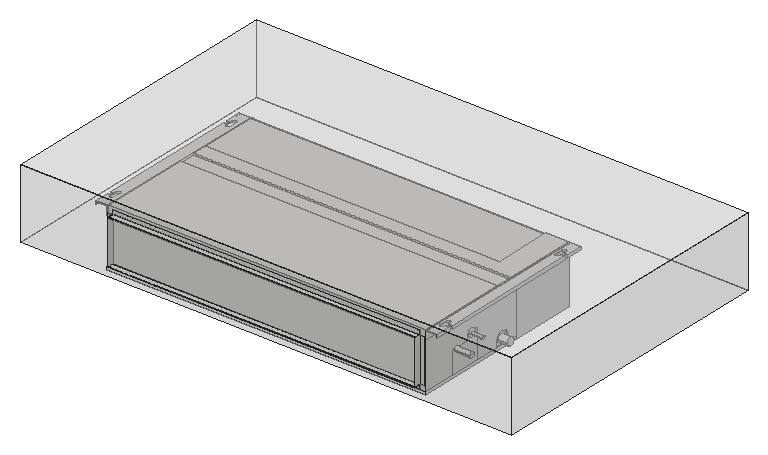
Revit family "outputfile", category 機械設備, Revit 2024
Family settings
  丸型コネクタ寸法 = 半径を使用
  パーツ タイプ = 標準
  OmniClass 番号 = 23.75.10.24.21.27.27
  OmniClass タイトル = Split System Air Conditioning Units
  作業面ベース = いいえ
  常に垂直 = はい
  ロード時にボイドで切り取り = いいえ
  注釈の向きを維持 = いいえ
  共有 = いいえ
  部屋計算ポイント = はい
Parameters (values of type "FXDQ63NDVET")
  Description = ""
  製造元 = "Daikin"
  書き出し IFC クラス(タイプ) = "IfcUnitaryEquipmentType"
  定義済み IFC タイプ(タイプ) = "AIRCONDITIONINGUNIT"
  Cost = 0
  モデル = "FXDQ63NDVET"
  Type Comments = ""
  Keynote = ""
  Type Image = (empty or 0)
  Assembly Code = ""
  w_pipe = 33.0 mm
  r_Liquid Pipe Size = Liquid Pipe Size / 2  # 4.75 mm
  r_Gas Pipe Size = Gas Pipe Size / 2  # 7.95 mm
  r_Drain Pipe Size = Drain Pipe Size / 2  # 10.0 mm
  lw_powersupply = 504.0 mm
  lw_ductflange2 = 1020.0 mm
  lw_Width = 1060.0 mm
  lh_suctionflange [instance] = if(Rear Connection_Return Air, 100.0 mm + [h***], 190.0 mm + [h***])  # 100.0 mm
  ld_suctionflange [instance] = if(Rear Connection_Return Air, 190.0 mm, 100.0 mm)  # 190.0 mm
  ld_powersupply = 60.0 mm
  angle_vertical_RA [instance] = if(Rear Connection_Return Air, 90.00°, 0.00°)  # 90.00°
  angle horizontal_RA [instance] = if(Rear Connection_Return Air, 180.00°, 270.00°)  # 180.00°
  Voltage_comment_60Hz = "220"
  Voltage_comment_50Hz = "220-240"
  Voltage_60Hz = 220 V
  Voltage_50Hz = 220 V
  URL = ""
  Supply Air Direction [instance] = yes
  Sound Power Level_H speed (dB) = 59
  Rear Connection_Return Air [instance] = not(Bottom Connection_Return Air)  # yes
  RA_length = 190.0 mm  # constant formula
  Phase_60Hz = 1
  Phase_50Hz = 1
  Minimum External Static Pressure = 15.00 Pa
  Minimum Circuit Amps_60Hz = 1.4 A
  Minimum Circuit Amps_50Hz = 1.1 A
  Maximum Fuse Amps_60Hz = 16.0 A
  Maximum Fuse Amps_50Hz = 16.0 A
  Maximum External Static Pressure = 44.00 Pa
  Material_Casing = DAIKIN_GalvanizedSteel_Casing_indoorunit
  lw_liquidpipe = 46.0 mm  # constant formula
  lw_gaspipe = 57.0 mm  # constant formula
  lw_mountinghole_pitch = 1140.0 mm
  lw_mountinghole = 20.0 mm  # constant formula
  lw_drainpipe = 33.0 mm  # constant formula
  lh_powersupply = 10.0 mm
  lh_liquidpipe = 110.0 mm
  lh_gaspipe = 87.0 mm
  lh_mountinghole = Height + [h***]  # 200.0 mm
  lh_drainpipe = 150.0 mm
  lh_antena = 1.0 mm  # constant formula
  ld_liquidpipe = 193.0 mm  # constant formula
  ld_gaspipe = 130.0 mm  # constant formula
  ld_mountinghole_pitch = 0.0 mm  # constant formula
  ld_drainpipe = 280.0 mm
  ld_controlbox = 626.0 mm  # constant formula
  h*** = 0.0 mm  # constant formula
  d_dischargeflange = 21.2 mm  # constant formula
  Width = 1100.0 mm
  Version = "ver.1.0"
  Unit Type = "Slim Duct (Standard) Type"
  Unit Mass Weight = 31.00 kg
  Unit Designation [instance] = ""
  Uniclass2015Version = "Products v1.30"
  Uniclass2015Title = "Variable refrigerant flow units"
  Uniclass2015Code = "Pr_70_65_03_94"
  Total Heating Capacity [instance] = 0.000 kW
  Total Cooling Capacity [instance] = 0.000 kW
  Sound Pressure Level_M speed (dBA) = 0
  Sound Pressure Level_L speed (dBA) = 29
  Sound Pressure Level_H speed (dBA) = 33
  Series = "VRV Fan Coil Unit"
  Sensible Cooling Capacity [instance] = 0.000 kW
  SA Duct Size Width = 1060.0 mm
  SA Duct Size Height = 153.0 mm
  Refrigerant Type = "R410A"
  RA Duct Size Width = 1000.0 mm
  RA Duct Size Height = 180.0 mm
  Power Input (Heating) = 0.168 kW
  Power Input (Cooling) = 0.168 kW
  Option Accessory 3 [instance] = ""
  Option Accessory 2 [instance] = ""
  Option Accessory 1 [instance] = ""
  Nominal Heating Capacity = 8.000 kW
  Nominal Cooling Capacity = 7.100 kW
  Minimum Airflow = 780.00 m³/h
  Median Airflow = 870.00 m³/h
  Maximum Airflow = 990.00 m³/h
  Load Classification = HVAC
  Liquid Pipe Size = 9.5 mm
  Link_Nested Family [instance] = ""
  IfcVersion = "0"
  IfcExportType = "AIRCONDITIONINGUNIT"
  IfcExportAs = "IfcUnitaryEquipmentType"
  Height = 200.0 mm
  Heating Entering Wet Bulb Temperature [instance] = 0.00 °C
  Heating Entering Dry Bulb Temperature [instance] = 0.00 °C
  Heating Ambient Wet Bulb Temperature [instance] = 0.00 °C
  Heating Ambient Dry Bulb Temperature [instance] = 0.00 °C
  Heat Exchanger Type = "Cross Fin Coil"
  Gas Pipe Size = 15.9 mm
  Frequency_60Hz = 60 Hz
  Frequency_50Hz = 50 Hz
  Fan Type = "Sirocco Fan"
  Fan Drive = "Direct Drive"
  FCU Tag No. [instance] = ""
  Drain Pipe Size = 20.0 mm
  Design Supply Airflow [instance] = 0.00 m³/h
  Design Return Airflow [instance] = 0.00 m³/h
  Design External Static Pressure [instance] = 0.00 Pa
  Depth = 620.0 mm
  既定の高さ = 0.0 mm
  Cooling Entering Wet Bulb Temperature [instance] = 0.00 °C
  Cooling Entering Dry Bulb Temperature [instance] = 0.00 °C
  Cooling Ambient Wet Bulb Temperature [instance] = 0.00 °C
  Cooling Ambient Dry Bulb Temperature [instance] = 0.00 °C
  Clearance visibility [instance] = yes
  Clearance Top = 20.0 mm
  Clearance Right = 300.0 mm
  Clearance Rear = 400.0 mm
  Clearance Left = 300.0 mm
  Clearance Front = 0.0 mm
  Clearance Bottom = 20.0 mm
  Bottom Connection_Return Air [instance] = no
Reference planes
  plane 1 "Center (Front/Back)": y = 0
  plane 2: z = 0
  plane 3 "Center (Left/Right)": x = 0
  plane 4 "Back": y = 310
  plane 5 "Front": y = -310
  plane 6 "Left": x = -550
  plane 7 "Right": x = 550
  plane 8 "Top": z = 0
  plane 9 "Bottom": z = -200
  plane 10: x = 330
  plane 11: x = -330
  plane 12: z = -190
  plane 13: z = -6
  plane 14: z = -22
  plane 15: z = -90
  plane 16: z = -113
  plane 17: x = -304
  plane 18: x = 304
  plane 19: x = -570
  plane 20: x = 570
  plane 21: y = 250
  plane 22: y = 250
  plane 23: x = -590
  plane 24: x = 390
  plane 25: x = 596
  plane 26: x = 607
  plane 27: x = 583
  plane 28: z = 0
  plane 29: z = -50
  plane 30 "Clearance Left": x = -850
  plane 31 "Clearance Right": x = 850
  plane 32 "Clearance Rear": y = 710
  plane 33 "Clearance Front": y = -310
  plane 34 "Clearance Top": z = 20
  plane 35 "Clearance Bottom": z = -220
  plane 36: z = -21
  plane 37: z = -170
  plane 38: z = -96.5
  plane 39: x = -40
  plane 40: y = -180
  plane 41: y = -117
  plane 42: y = -30
  plane 43: y = 20
  plane 44: z = -97.5
  plane 45: y = -309
  plane 46: x = -549
  plane 47: z = -100
  plane 48: z = -30
  plane 49: y = 210
  plane 50: z = 301
  plane 51: z = -199
  plane 52: y = 120
  plane 53: z = -101
  plane 54: x = 580
  plane 55: x = 545
  plane 56: x = 555
  plane 57: x = 551
  plane 58: x = 469
  plane 59: x = 549.004
  plane 60: x = -549
  plane 61: x = 504
  plane 62: z = -189
  plane 63: z = 102.5
Forms (mm)
  Extrusion 1, solid
    sketch origin (0, 0, 0) x (1, 0, 0) y (0, 0, 1)
      loop
        line (-550, -190) -> (-550, -200) -> (550, -200) -> (550, -190) -> (-550, -190)
    from -84 to 310
  Extrusion 2, solid, material "DAIKIN_GalvanizedSteel_Casing_indoorunit" <- "Material_Casing"
    sketch origin (0, 0, 0) x (1, 0, 0) y (0, 1, 0)
      loop
        line (-550, -309) -> (550, -309) -> (550, 310) -> (-550, 310) -> (-550, -309)
    from -200 to 0
  Extrusion 3, void
    sketch origin (0, 0, 1) x (1, 0, 0) y (0, 1, 0)
      loop
        line (-550, 62.179) -> (-550, 4.179) -> (550, 4.179) -> (550, 62.179) -> (-550, 62.179)
    from -1 to -7
  Extrusion 4, void
    sketch origin (0, 0, 0) x (0, 1, 0) y (0, 0, 1)
      loop
        line (-5, -190) -> (45, -190) -> (45, -170)
        arc (45, -170) -> (20, -145) -> (-5, -170) r 25
        line (-5, -170) -> (-5, -190)
    from 550 to 545
  Revolve 5, solid, material "DAIKIN_GalvanizedSteel_Casing_indoorunit" <- "Material_Casing"
    sketch origin (0, 0, -113) x (0, -1, 0) y (1, 0, 0)
      loop
        line (172.05, 551) -> (180, 551) -> (180, 607) -> (172.05, 607) -> (172.05, 551)
      axis (180, 551) -> (180, 607)
    angle from 0 to 360
  Revolve 6, solid, material "DAIKIN_GalvanizedSteel_Casing_indoorunit" <- "Material_Casing"
    sketch origin (0, 0, -90) x (0, -1, 0) y (1, 0, 0)
      loop
        line (117, 551) -> (117, 596) -> (112.25, 596) -> (112.25, 551) -> (117, 551)
      axis (117, 596) -> (117, 551)
    angle from 0 to 360
  Extrusion 7, solid, material "DAIKIN_GalvanizedSteel_Casing_indoorunit" <- "Material_Casing"
    sketch origin (0, 0, 0) x (0, 1, 0) y (0, 0, 1)
      loop
        circle (-116, -90) r 12.7
    from 550 to 555
  Extrusion 8, solid, material "DAIKIN_GalvanizedSteel_Casing_indoorunit" <- "Material_Casing"
    sketch origin (0, 0, 0) x (0, 1, 0) y (0, 0, 1)
      loop
        circle (20, -170) r 13
    from 580 to 545
  Extrusion 9, solid, material "DAIKIN_GalvanizedSteel_Casing_indoorunit" <- "Material_Casing"
    sketch origin (0, 0, 0) x (1, 0, 0) y (0, 0, 1)
      loop
        line (-550, -190) -> (-550, -200) -> (550, -200) -> (550, -190) -> (-550, -190)
    from -84 to 310
  Extrusion 10, solid, material "DAIKIN_GalvanizedSteel_Casing_indoorunit" <- "Material_Casing", visible <- "Bottom Connection_Return Air"
    sketch origin (0, 0, 0) x (1, 0, 0) y (0, 0, 1)
      loop
        line (469, -200) -> (469, -1) -> (-549, -1) -> (-549, -200) -> (469, -200)
    from -310 to -309
  Extrusion 11, void
    sketch origin (0, 0, 0) x (1, 0, 0) y (0, 0, 1)
      loop
        line (469, 0) -> (-549, 0) -> (-549, -1) -> (469, -1) -> (469, 0)
    from -310 to -111
  Extrusion 12, solid, material "DAIKIN_GalvanizedSteel_Casing_indoorunit" <- "Material_Casing", visible <- "Rear Connection_Return Air"
    sketch origin (0, 0, 0) x (1, 0, 0) y (0, 1, 0)
      loop
        line (-549, 310) -> (-549, 111) -> (469, 111) -> (469, 310) -> (-549, 310)
    from -200 to -199
  Extrusion 13, solid, material "DAIKIN_GalvanizedSteel_Casing_indoorunit" <- "Material_Casing"
    sketch origin (0, 0, 0) x (0, 1, 0) y (0, 0, 1)
      loop
        line (-194, -113) -> (-194, -190) -> (-88.3, -190) -> (-88.3, -90) -> (-103.3, -90)
        arc (-103.3, -90) -> (-116, -102.7) -> (-128.7, -90) r 12.7
        line (-128.7, -90) -> (-128.7, -113) -> (-173.65, -113)
        arc (-173.65, -113) -> (-180, -119.35) -> (-186.35, -113) r 6.35
        line (-186.35, -113) -> (-194, -113)
    from 551 to 550
  Extrusion 14, solid, material "DAIKIN_GalvanizedSteel_Casing_indoorunit" <- "Material_Casing"
    sketch origin (0, 0, 0) x (0, 1, 0) y (0, 0, 1)
      loop
        line (84, -199) -> (310, -199) -> (310, -22) -> (91, -22) -> (84, -29) -> (84, -199)
    from 551 to 550
Cuts and joins
  Extrusion 3, Extrusion 4, Extrusion 11 cuts Extrusion 2
  Extrusion 4 cuts Extrusion 1
  Extrusion 11 cuts Extrusion 9
Dimensions and locks
  "lh_powersupply": plane 12 to plane 9 "Bottom"
  locked: plane 8 "Top" to plane 13 at 6
  "Height": plane 8 "Top" to plane 9 "Bottom"
  equal spacing: plane 17, plane 3 "Center (Left/Right)", plane 18, locked at 304 each
  locked: plane 17 to plane 18 at 608
  equal spacing: plane 19, plane 3 "Center (Left/Right)", plane 20
  "lw_mountinghole_pitch": plane 19 to plane 20
  locked: plane 14 to plane 9 "Bottom" at 178
  "lw_mountinghole": plane 23 to plane 19
  "lh_liquidpipe": plane 15 to plane 9 "Bottom"
  "lh_gaspipe": plane 16 to plane 9 "Bottom"
  "lh_mountinghole": plane 28 to plane 9 "Bottom"
  "ld_mountinghole_pitch": plane 22 to plane 21
  equal spacing: plane 6 "Left", plane 3 "Center (Left/Right)", plane 7 "Right"
  "Width": plane 6 "Left" to plane 7 "Right"
  "lh_drainpipe": plane 29 to plane 9 "Bottom"
  "Clearance Right": plane 7 "Right" to plane 31 "Clearance Right"
  "Clearance Left": plane 30 "Clearance Left" to plane 6 "Left"
  "lw_gaspipe": plane 7 "Right" to plane 26
  "lw_liquidpipe": plane 7 "Right" to plane 25
  "lw_drainpipe": plane 7 "Right" to plane 27
  "Clearance Rear": plane 32 "Clearance Rear" to plane 4 "Back"
  "Clearance Front": plane 5 "Front" to plane 33 "Clearance Front"
  "Clearance Top": plane 34 "Clearance Top" to plane 8 "Top"
  "Clearance Bottom": plane 9 "Bottom" to plane 35 "Clearance Bottom"
  "ld_powersupply": plane 4 "Back" to plane 22
  locked: plane 8 "Top" to plane 36 at 21
  locked: plane 8 "Top" to plane 37 at 170
  locked: plane 40 to plane 41 at 63
  locked: plane 38 to plane 9 "Bottom" at 103.5
  locked: plane 36 to plane 44 at 76.5
  "Depth": plane 4 "Back" to plane 5 "Front"
  equal spacing: plane 4 "Back", plane 1 "Center (Front/Back)", plane 5 "Front"
  locked: plane 45 to plane 5 "Front" at 1
  locked: plane 46 to plane 6 "Left" at 1
  Extrusion 10 sketch curve to Extrusion 10 sketch curve = 199.0 mm
  locked: plane 12 to plane 47 at 90
  plane 32 "Clearance Rear" to Extrusion 10 = 401.0 mm
  locked: plane 48 to plane 35 "Clearance Bottom" at 190
  plane 50 to plane 28 = 301.0 mm
  locked: plane 51 to plane 9 "Bottom" at 1
  "ld_suctionflange": plane 4 "Back" to plane 52
  locked: plane 53 to plane 9 "Bottom" at 99
  locked: plane 7 "Right" to plane 54 at 30
  locked: plane 55 to plane 7 "Right" at 5
  locked: plane 7 "Right" to plane 56 at 5
  locked: plane 7 "Right" to plane 57 at 1
  plane 7 "Right" to plane 58 = 81.0 mm
  locked: plane 7 "Right" to plane 59 at 0.996
  locked: plane 60 to plane 6 "Left" at 1
  "lw_powersupply": plane 3 "Center (Left/Right)" to plane 61
  "r_Gas Pipe Size": nested 6 to Revolve 5 sketch curve
  "r_Liquid Pipe Size": nested 5 to Revolve 6 sketch curve
  locked: plane 62 to plane 9 "Bottom" at 11
  aligned and locked: level to plane 2
  aligned and locked: Extrusion 2 to plane 9 "Bottom"
  aligned and locked: plane 8 "Top" to Extrusion 2
  aligned and locked: Revolve 5 sketch curve to Revolve 5 sketch curve
  aligned and locked: plane 15 to Extrusion 7 sketch curve
  aligned and locked: cut or joined group of Extrusion 1, Extrusion 4 to plane 9 "Bottom"
  aligned and locked: plane 25 to nested 5
  aligned and locked: nested 5 to plane 15
  aligned and locked: nested 1 to plane 22
  aligned and locked: plane 20 to nested 2
  aligned and locked: plane 19 to nested 3
  aligned and locked: plane 22 to nested 4
  aligned and locked: nested 4 to plane 22
  aligned and locked: plane 19 to nested 4
  aligned and locked: nested 10 to plane 12
  aligned and locked: Extrusion 9 to plane 5 "Front"
  aligned and locked: Extrusion 9 to plane 9 "Bottom"
  aligned and locked: nested 6 to plane 16
  aligned and locked: plane 40 to nested 6
  aligned and locked: plane 41 to nested 5
  aligned and locked: Extrusion 8 sketch curve to plane 43
  aligned and locked: plane 4 "Back" to Extrusion 11
  aligned and locked: plane 8 "Top" to Extrusion 3
  aligned and locked: Extrusion 10 to cut or joined group of Extrusion 2, Extrusion 3, Extrusion 4, Extrusion 11
  aligned and locked: plane 9 "Bottom" to Extrusion 12  (x2)
  aligned and locked: Extrusion 12 to plane 51
  aligned and locked: Extrusion 11 to level
  aligned and locked: plane 32 "Clearance Rear" to nested 13
  aligned and locked: plane 31 "Clearance Right" to nested 13
  aligned and locked: plane 30 "Clearance Left" to nested 13
  aligned and locked: nested 13 to plane 33 "Clearance Front"
  aligned and locked: nested 13 to plane 34 "Clearance Top"
  aligned and locked: nested 13 to plane 35 "Clearance Bottom"
  aligned and locked: plane 7 "Right" to Extrusion 13  (x2)
  aligned and locked: plane 4 "Back" to Extrusion 14
  aligned and locked: Extrusion 14 to plane 51
  aligned and locked: plane 7 "Right" to Extrusion 14  (x2)
  aligned and locked: Extrusion 13 to Revolve 5 sketch curve
  aligned and locked: Extrusion 3 to plane 13
  aligned and locked: plane 52 to nested 14
  aligned and locked: Extrusion 7 to plane 7 "Right"
  aligned and locked: plane 7 "Right" to cut or joined group of Extrusion 2, Extrusion 3, Extrusion 4, Extrusion 11  (x3)
  aligned and locked: cut or joined group of Extrusion 2, Extrusion 3, Extrusion 4, Extrusion 11 to plane 55
  aligned and locked: Extrusion 8 to plane 55
  aligned and locked: plane 54 to Extrusion 8
  aligned and locked: plane 56 to Extrusion 7
  aligned and locked: plane 57 to Extrusion 14
  aligned and locked: Extrusion 13 to plane 57
  aligned and locked: plane 26 to nested 6
  aligned and locked: plane 58 to Extrusion 11 sketch curve
  aligned and locked: Extrusion 10 sketch curve to plane 58
  aligned and locked: plane 3 "Center (Left/Right)" to nested 15
  aligned and locked: Extrusion 12 to plane 58
  aligned and locked: plane 6 "Left" to nested 11
  aligned and locked: plane 8 "Top" to nested 15
  aligned and locked: plane 4 "Back" to nested 15
  aligned and locked: cut or joined group of Extrusion 2, Extrusion 3, Extrusion 4, Extrusion 11 to plane 45
  aligned and locked: nested 10 to plane 61
  aligned and locked: plane 20 to nested 1
  aligned and locked: plane 43 to nested 7
  aligned and locked: nested 7 to plane 37
  aligned and locked: plane 54 to nested 7
  aligned and locked: nested 9 to plane 1 "Center (Front/Back)"
  aligned and locked: plane 3 "Center (Left/Right)" to nested 9
  aligned and locked: nested 16 to plane 62
  aligned and locked: plane 13 to nested 16
  aligned and locked: nested 11 to plane 51
  aligned and locked: nested 12 to plane 51
  aligned and locked: plane 44 to nested 8
  aligned and locked: plane 45 to nested 16
  aligned and locked: level to plane 8 "Top"
Automatic sketch dimensions
  Extrusion 1 sketch curve to plane 6 "Left" = 0.0 mm
  Extrusion 1 sketch curve to plane 7 "Right" = 0.0 mm
  Extrusion 1 sketch curve to plane 9 "Bottom" = 0.0 mm
  Extrusion 1 sketch curve to plane 12 = 0.0 mm
  Extrusion 2 sketch curve to plane 4 "Back" = 0.0 mm
  Extrusion 2 sketch curve to plane 6 "Left" = 0.0 mm
  Extrusion 2 sketch curve to plane 7 "Right" = 0.0 mm
  Extrusion 2 sketch curve to plane 45 = 0.0 mm
  Extrusion 3 sketch curve to plane 6 "Left" = 0.0 mm
  Extrusion 3 sketch curve to plane 7 "Right" = 0.0 mm
  Extrusion 3 sketch curve to plane 1 "Center (Front/Back)" = 4.179 mm
  plane 43 to Extrusion 3 sketch curve = 42.179 mm
  Extrusion 4 sketch curve to plane 37 = 0.0 mm
  Extrusion 4 sketch curve to plane 12 = 0.0 mm
  Extrusion 4 sketch curve to plane 43 = 0.0 mm
  plane 1 "Center (Front/Back)" to Extrusion 4 sketch curve = 5.0 mm
  plane 41 to Extrusion 7 sketch curve = 1.0 mm
  Extrusion 8 sketch curve to plane 37 = 0.0 mm
  Extrusion 9 sketch curve to plane 6 "Left" = 0.0 mm
  Extrusion 9 sketch curve to plane 7 "Right" = 0.0 mm
  Extrusion 9 sketch curve to plane 9 "Bottom" = 0.0 mm
  Extrusion 9 sketch curve to plane 12 = 0.0 mm
  plane 46 to Extrusion 10 sketch curve = 0.0 mm
  plane 46 to Extrusion 11 sketch curve = 0.0 mm
  Extrusion 11 sketch curve to plane 8 "Top" = 1.0 mm
  Extrusion 12 sketch curve to plane 46 = 0.0 mm
  Extrusion 12 sketch curve to plane 4 "Back" = 0.0 mm
  plane 18 to Extrusion 12 sketch curve = 165.0 mm
  plane 43 to Extrusion 12 sketch curve = 91.0 mm
  plane 35 "Clearance Bottom" to Extrusion 11 sketch curve = 220.0 mm
  Extrusion 10 sketch curve to plane 51 = 1.0 mm
  Extrusion 13 sketch curve to plane 12 = 0.0 mm
  Extrusion 13 sketch curve to plane 16 = 0.0 mm
  Extrusion 13 sketch curve to plane 40 = 0.0 mm
  Extrusion 13 sketch curve to plane 15 = 0.0 mm
  Extrusion 13 sketch curve to Extrusion 13 sketch curve = 6.35 mm
  Extrusion 13 sketch curve to Extrusion 13 sketch curve = 7.65 mm
  Extrusion 13 sketch curve to plane 41 = 11.7 mm
  plane 41 to Extrusion 13 sketch curve = 1.0 mm
  Extrusion 13 sketch curve to Extrusion 13 sketch curve = 27.7 mm
  Extrusion 14 sketch curve to plane 51 = 0.0 mm
  Extrusion 14 sketch curve to plane 14 = 0.0 mm
  plane 48 to Extrusion 14 sketch curve = 1.0 mm
  plane 43 to Extrusion 14 sketch curve = 64.0 mm
  Extrusion 14 sketch curve to Extrusion 14 sketch curve = 7.0 mm
  Extrusion 14 sketch curve to plane 4 "Back" = 0.0 mm
  Revolve 5 sketch curve to plane 26 = 0.0 mm
  Revolve 5 sketch curve to plane 40 = 0.0 mm
  Revolve 5 sketch curve to Revolve 5 sketch curve = 1.003 mm
  plane 26 to Revolve 5 sketch curve = 1.003 mm
  Revolve 6 sketch curve to plane 41 = 0.0 mm  (x2)
  Revolve 6 sketch curve to plane 25 = 0.0 mm  (x2)
  Revolve 6 sketch curve to plane 57 = 0.0 mm  (x2)
  radius of Extrusion 7 sketch curve = 12.7 mm
  radius of Extrusion 8 sketch curve = 13.0 mm
Nested families
  nested 1: "daikin_mountinghole" at (570, 250, -200), l_antenna <- "lh_antena", Link_Nested Family <- "Link_Nested Family", h_mountinghole <- "lh_mountinghole", type "daikin_mountinghole"
    with show yes, l_antenna 1.0 mm, h_mountinghole 200.0 mm, Link_Nested Family ""
  nested 2: "daikin_mountinghole" at (570, -250, -200), Link_Nested Family <- "Link_Nested Family", l_antenna <- "lh_antena", h_mountinghole <- "lh_mountinghole", type "daikin_mountinghole"
    with show yes, l_antenna 1.0 mm, h_mountinghole 200.0 mm, Link_Nested Family ""
  nested 3: "daikin_mountinghole" at (-570, -250, -200), l_antenna <- "lh_antena", Link_Nested Family <- "Link_Nested Family", h_mountinghole <- "lh_mountinghole", type "daikin_mountinghole"
    with show yes, l_antenna 1.0 mm, h_mountinghole 200.0 mm, Link_Nested Family ""
  nested 4: "daikin_mountinghole" at (-570, 250, -200), l_antenna <- "lh_antena", Link_Nested Family <- "Link_Nested Family", h_mountinghole <- "lh_mountinghole", type "daikin_mountinghole"
    with show yes, l_antenna 1.0 mm, h_mountinghole 200.0 mm, Link_Nested Family ""
  nested 5: "daikin_connector_rotate2" at (550, -117, -90) x (0, 1, 0) z (0, 0, 1), length <- "lw_liquidpipe", built-in parameter 1001364 <- "lh_liquidpipe", radius <- "r_Liquid Pipe Size", type "daikin_connector_rotate2"
    with radius 4.75 mm, length 46.0 mm, angle_vertical 90.00°, show_face no
  nested 6: "daikin_connector_rotate2" at (550, -180, -113) x (0, 1, 0) z (0, 0, 1), length <- "lw_gaspipe", built-in parameter 1001364 <- "lh_gaspipe", radius <- "r_Gas Pipe Size", type "daikin_connector_rotate2"
    with radius 7.95 mm, length 57.0 mm, angle_vertical 90.00°, show_face no
  nested 7: "daikin_connector_rotate2" at (547, 20, -170) x (0, 1, 0) z (0, 0, 1), built-in parameter 1001364 <- "lh_drainpipe", length <- "lw_drainpipe", radius <- "r_Drain Pipe Size", type "daikin_connector_rotate2"
    with radius 10.0 mm, length 33.0 mm, angle_vertical 90.00°, show_face no
  nested 8: "daikin_connector_rotate2" at (0, -309, -97.5), length <- "d_dischargeflange", type "daikin_connector_rotate2"
    with radius 10.0 mm, length 21.2 mm, angle_vertical 90.00°, show_face no
  nested 9: "daikin_△_symbolicline" at (-75, -129.904, 200) x (-0.5, 0.866, 0) z (0, 0, 1), built-in parameter 1001364 <- "Height", visible <- "Supply Air Direction", type "daikin_△_symbolicline"
    with length 300.0 mm
  nested 10: "daikin_connector_rotate2" at (504, 250, -190) x (-1, 0, 0) z (0, 0, 1), built-in parameter 1001364 <- "lw_powersupply", length <- "ld_powersupply", type "daikin_connector_rotate2"
    with radius 10.0 mm, length 60.0 mm, angle_vertical 90.00°, show_face no
  nested 11: "daikin_ductflange_FXDQ-NDVET2" at (-40, 310, -100), visible <- "Rear Connection_Return Air", material <- "Material_Casing", width <- "lw_ductflange2", type "daikin_ductflange_FXDQ-NDVET2"
    with width 1020.0 mm, material DAIKIN_GalvanizedSteel_Casing_indoorunit, height 180.0 mm, depth 21.2 mm
  nested 12: "daikin_ductflange_FXDQ-NDVET2" at (-40, 210, -200) x (1, 0, 0) z (0, 1, 0), visible <- "Bottom Connection_Return Air", material <- "Material_Casing", width <- "lw_ductflange2", type "daikin_ductflange_FXDQ-NDVET2"
    with width 1020.0 mm, material DAIKIN_GalvanizedSteel_Casing_indoorunit, height 180.0 mm, depth 21.2 mm
  nested 13: "daikin_clearancespace" at (0, 200, -99.881), visible <- "Clearance visibility", show <- "Clearance visibility", Link_Nested Family <- "Link_Nested Family", type "daikin_clearancespace"
    with width 1700.0 mm, show yes, height 240.0 mm, depth 1020.0 mm, Link_Nested Family ""
  nested 14: "daikin_connector_rotate3" at (-40, 120, -100), built-in parameter 1001364 <- "lh_suctionflange", angle_vertical <- "angle_vertical_RA", angle_horizontal <- "angle horizontal_RA", length <- "RA_length", type "daikin_connector_rotate3"
    with show no, radius 10.0 mm, length 190.0 mm, angle_vertical 90.00°, angle_horizontal 180.00°
  nested 15: "daikin_hangerfixture_FXDQ-NDVET" at (0, 0.5, 0), type "daikin_hangerfixture_FXDQ-NDVET"
    with width 1100.0 mm
  nested 16: "daikin_ductflange_FXDQ-NDVET" at (0, 4.5, -364.201), width <- "lw_Width", material <- "Material_Casing", type "daikin_ductflange_FXDQ-NDVET"
    with width 1060.0 mm, material DAIKIN_GalvanizedSteel_Casing_indoorunit, height 155.0 mm, depth 21.2 mm
Connectors
  piping at (607, -180, -113), diameter 15.9, driven by "r_Gas Pipe Size"
    settings: on nested 6, index 1, connector inside diameter 609.6 mm, connector length 0.0 mm, flow factor 0, pipe flow 0.00 m³/h, pressure drop 0.0 Pa, fitting loss kfactor 0, connector angle 0.00°, fixture units 0, engagement length 0.0 mm, angle of deflection 0.00°, flow configuration 1, flow direction 2, fitting loss method 0, system type 29, joint type 0, gender type 0, connector reference index -1, connector utility 0, adjustable connector no, is connector primary yes, connector description "Refrigerant Gas Piping"
  piping at (596, -117, -90), diameter 9.5, driven by "r_Liquid Pipe Size"
    settings: on nested 5, index 2, connector inside diameter 609.6 mm, connector length 0.0 mm, flow factor 0, pipe flow 0.00 m³/h, pressure drop 0.0 Pa, fitting loss kfactor 0, connector angle 0.00°, fixture units 0, engagement length 0.0 mm, angle of deflection 0.00°, flow configuration 1, flow direction 1, fitting loss method 0, system type 29, joint type 0, gender type 0, connector reference index -1, connector utility 0, adjustable connector no, is connector primary no, connector description "Refrigerant Liquid Piping"
  piping at (580, 20, -170), diameter 20, driven by "r_Drain Pipe Size"
    settings: on nested 7, index 3, connector inside diameter 609.6 mm, connector length 0.0 mm, flow factor 0, pipe flow 0.00 m³/h, pressure drop 0.0 Pa, fitting loss kfactor 0, connector angle 0.00°, fixture units 0, engagement length 0.0 mm, angle of deflection 0.00°, flow configuration 1, flow direction 2, fitting loss method 4, system type 16, joint type 0, gender type 0, connector reference index -1, connector utility 0, adjustable connector no, is connector primary no, connector description "Condensate Drain Piping"
  hvac at (0, -330.2, -97.5), driven by "SA Duct Size Height", driven by "SA Duct Size Width"
    settings: on nested 8, index 7, duct flow 0.00 m³/h, flow factor 0, pres drop 0.00 Pa, loss coef 0, conn angle 0.00°, conn width 1060.0 mm, conn height 153.0 mm, conn diameter 609.6 mm, duct sys type 1, conn prof type 1, flow config 0, flow direction 2, loss method 4, conn ref index -1, conn util no, is conn primary yes, conn desc "SA Duct"
  electrical at (504, 310, -190), driven by "Load Classification"
    settings: on nested 10, index 9, voltage 0 V, apparent load 0 VA, apparent load phase1 0 VA, apparent load phase2 0 VA, apparent load phase3 0 VA, power factor 1, load classification "HVAC", number of poles 1, system type 30, power factor state 1, is connector primary yes, connector utility no, sub classification motor no, connector description "Power Supply"
  hvac at (-40, 310, -100), driven by "RA Duct Size Height", driven by "RA Duct Size Width"
    settings: on nested 14, index 10, duct flow 0.00 m³/h, flow factor 0, pres drop 0.00 Pa, loss coef 0, conn angle 0.00°, conn width 1000.0 mm, conn height 180.0 mm, conn diameter 609.6 mm, duct sys type 2, conn prof type 1, flow config 0, flow direction 1, loss method 4, conn ref index -1, conn util no, is conn primary no, conn desc "RA Duct"
Definition of nested family "daikin_ductflange_FXDQ-NDVET2"
  Parameters (values of type "daikin_ductflange_FXDQ-PDVE2")
    width [instance] = 620.0 mm
    material [instance] = none
    height [instance] = 180.0 mm
    depth [instance] = 21.2 mm
    Default Elevation = 0.0 mm
  Reference planes
    plane 1 "Center (Front/Back)": y = 0
    plane 2: z = 0
    plane 3 "Center (Left/Right)": x = 0
    plane 4: y = -313.5
    plane 5: y = -334.7
    plane 6: x = -310
    plane 7: x = 310
    plane 8: z = 90
    plane 9: z = -90
    plane 10: z = 100
    plane 11: z = -100
    plane 12: x = -309
    plane 13: x = 309
  Forms (mm)
    Extrusion 1, solid, material <- "material"
      sketch origin (0, 0, 0) x (1, 0, 0) y (0, 0, 1)
        loop
          line (-300, 90) -> (-300, -90) -> (300, -90) -> (300, 90) -> (-300, 90)
        loop
          line (-309, -99) -> (309, -99) -> (309, 99) -> (-309, 99) -> (-309, -99)
      from 0 to 1
  Dimensions and locks
    plane 4 to plane 1 "Center (Front/Back)" = 313.5 mm
    "depth": plane 5 to plane 4
    equal spacing: plane 7, plane 3 "Center (Left/Right)", plane 6, locked at 310 each
    "width": plane 7 to plane 6
    equal spacing: plane 8, level, plane 9, locked at 90 each
    "height": plane 8 to plane 9
    equal spacing: plane 10, level, plane 11, locked at 100 each
    locked: plane 10 to plane 11 at 200
    plane 12 to plane 6 = 1.0 mm
    locked: plane 7 to plane 13 at 1
    locked: Extrusion 1 sketch curve to Extrusion 1 sketch curve at 9  (x4)
    locked: plane 10 to Extrusion 1 sketch curve at 1
    locked: Extrusion 1 sketch curve to plane 11 at 1
    aligned and locked: level to plane 2
  Automatic sketch dimensions
    plane 6 to Extrusion 1 sketch curve = 1.0 mm
    Extrusion 1 sketch curve to plane 7 = 1.0 mm
Definition of nested family "daikin_clearancespace"
  Parameters (values of type "daikin_clearancespace")
    width [instance] = 1823.963 mm
    show [instance] = yes
    material = none
    height [instance] = 1359.762 mm
    depth [instance] = 880.0 mm
    Default Elevation = 0.0 mm
    Link_Nested Family [instance] = ""
  Reference planes
    plane 1 "Center (Front/Back)": y = 0
    plane 2 "Center (Elevation)": z = -0.119
    plane 3 "Center (Left/Right)": x = 0
    plane 4: y = 440
    plane 5: y = -440
    plane 6 "Right": x = 911.982
    plane 7 "Left": x = -911.982
    plane 8 "Top": z = 679.762
    plane 9 "Bottom": z = -680
  Forms (mm)
    Extrusion 1, solid, material <- "material", visible <- "show"
      sketch origin (0, 0, 0) x (1, 0, 0) y (0, 1, 0)
        loop
          line (-911.982, 440) -> (-911.982, -440) -> (911.982, -440) -> (911.982, 440) -> (-911.982, 440)
      from -680 to 679.762
  Lines and regions (mm)
    symbolic lines, visible <- "show"
      curve 1: line (911.982, 440, 0) -> (-911.982, 440, 0)
      curve 2: line (-911.982, 440, 0) -> (-911.982, -440, 0)
      curve 3: line (-911.982, -440, 0) -> (911.982, -440, 0)
      curve 4: line (911.982, -440, 0) -> (911.982, 440, 0)
      curve 5: line (911.982, 0, 679.762) -> (-911.982, 0, 679.762)
      curve 6: line (911.982, 0, -680) -> (911.982, 0, 679.762)
      curve 7: line (-911.982, 0, -680) -> (911.982, 0, -680)
      curve 8: line (-911.982, 0, 679.762) -> (-911.982, 0, -680)
      curve 9: line (0, 440, 679.762) -> (0, -440, 679.762)
      curve 10: line (0, -440, 679.762) -> (0, -440, -680)
      curve 11: line (0, 440, -680) -> (0, 440, 679.762)
      curve 12: line (0, -440, -680) -> (0, 440, -680)
  Dimensions and locks
    "width": plane 7 "Left" to plane 6 "Right"
    "depth": plane 4 to plane 5
    "height": plane 8 "Top" to plane 9 "Bottom"
    equal spacing: plane 7 "Left", plane 3 "Center (Left/Right)", plane 6 "Right"
    equal spacing: plane 4, plane 1 "Center (Front/Back)", plane 5
    equal spacing: plane 8 "Top", plane 2 "Center (Elevation)", plane 9 "Bottom"
    aligned and locked: level to plane 2 "Center (Elevation)"
    aligned and locked: Extrusion 1 sketch curve to plane 4
    aligned and locked: plane 7 "Left" to Extrusion 1 sketch curve
    aligned and locked: Extrusion 1 sketch curve to plane 5
    aligned and locked: Extrusion 1 sketch curve to plane 6 "Right"
    aligned and locked: plane 8 "Top" to Extrusion 1
    aligned and locked: curve 1 to Extrusion 1
    aligned and locked: curve 2 to Extrusion 1
    aligned and locked: curve 3 to Extrusion 1
    aligned and locked: curve 4 to Extrusion 1
    aligned and locked: curve 5 to Extrusion 1
    aligned and locked: curve 6 to Extrusion 1
    aligned and locked: curve 7 to Extrusion 1
    aligned and locked: curve 8 to Extrusion 1
    aligned and locked: curve 9 to Extrusion 1
    aligned and locked: curve 10 to Extrusion 1
    aligned and locked: curve 11 to Extrusion 1
    aligned and locked: curve 12 to Extrusion 1
    aligned and locked: Extrusion 1 to plane 9 "Bottom"
Definition of nested family "daikin_hangerfixture_FXDQ-NDVET"
  Parameters (values of type "daikin_hangerfixture_FXDQ-PDVE")
    width = 900.0 mm
    material = none
    height = 30.0 mm
    depth = 619.0 mm
    Default Elevation = 0.0 mm
  Reference planes
    plane 1 "Center (Front/Back)": y = 0
    plane 2: z = 0
    plane 3 "Center (Left/Right)": x = 0
    plane 4: x = 450
    plane 5: y = 309.5
    plane 6: y = -309.5
    plane 7: x = -450
    plane 8: z = -30
  Forms (mm)
    Extrusion 1, solid, material <- "material"
      sketch origin (0, 0, 0) x (1, 0, 0) y (0, 0, 1)
        loop
          line (450, 0) -> (450, -30) -> (452.3, -30) -> (452.3, -2.3) -> (487.7, -2.3) -> (487.7, -10) -> (490, -10) -> (490, 0) -> (450, 0)
      from -309.5 to 309.5
    Extrusion 2, void
      sketch origin (0, 0, 0) x (0, 1, 0) y (0, 0, 1)
        loop
          line (309.5, -30) -> (309.5, -17.979) -> (87.935, -17.979) -> (75.914, -30) -> (309.5, -30)
      from 0 to 550
    Extrusion 3, void
      sketch origin (0, 0, 0) x (1, 0, 0) y (0, 1, 0)
        loop
          line (490, -244) -> (477, -244) -> (477, -237.5)
          arc (477, -237.5) -> (470, -230.5) -> (463, -237.5) r 7
          line (463, -237.5) -> (463, -263.5)
          arc (463, -263.5) -> (470, -270.5) -> (477, -263.5) r 7
          line (477, -263.5) -> (477, -257) -> (490, -257) -> (490, -244)
        loop
          line (490, 243) -> (490, 256) -> (477, 256) -> (477, 262.5)
          arc (477, 262.5) -> (470, 269.5) -> (463, 262.5) r 7
          line (463, 262.5) -> (463, 236.5)
          arc (463, 236.5) -> (470, 229.5) -> (477, 236.5) r 7
          line (477, 236.5) -> (477, 243) -> (490, 243)
      from -254.96 to 618
    Extrusion 4, solid, material <- "material"
      sketch origin (0, 0, 0) x (-1, 0, 0) y (0, 0, -1)
        loop
          line (450, 0) -> (490, 0) -> (490, 10) -> (487.7, 10) -> (487.7, 2.3) -> (452.3, 2.3) -> (452.3, 30) -> (450, 30) -> (450, 0)
      from -309.5 to 309.5
    Extrusion 5, void
      sketch origin (0, 0, 0) x (-1, 0, 0) y (0, -1, 0)
        loop
          line (490, 244) -> (490, 257) -> (477, 257) -> (477, 263.5)
          arc (477, 263.5) -> (470, 270.5) -> (463, 263.5) r 7
          line (463, 263.5) -> (463, 237.5)
          arc (463, 237.5) -> (470, 230.5) -> (477, 237.5) r 7
          line (477, 237.5) -> (477, 244) -> (490, 244)
        loop
          line (490, -243) -> (477, -243) -> (477, -236.5)
          arc (477, -236.5) -> (470, -229.5) -> (463, -236.5) r 7
          line (463, -236.5) -> (463, -262.5)
          arc (463, -262.5) -> (470, -269.5) -> (477, -262.5) r 7
          line (477, -262.5) -> (477, -256) -> (490, -256) -> (490, -243)
      from -254.96 to 618
  Cuts and joins
    Extrusion 2, Extrusion 3, Extrusion 5 cuts Extrusion 1
    Extrusion 5 cuts Extrusion 4
  Dimensions and locks
    equal spacing: plane 5, plane 1 "Center (Front/Back)", plane 6
    "depth": plane 5 to plane 6
    plane 6 to plane 1 "Center (Front/Back)" to plane 5 = 309.5 mm, 309.5 mm
    equal spacing: plane 4, plane 3 "Center (Left/Right)", plane 7
    "width": plane 4 to plane 7
    "height": level to plane 8
    locked: plane 4 to Extrusion 2 at 100
    aligned and locked: level to plane 2
    aligned and locked: plane 5 to Extrusion 1
    aligned and locked: Extrusion 1 to plane 6
    aligned and locked: Extrusion 1 to plane 4
    aligned and locked: plane 5 to cut or joined group of Extrusion 1, Extrusion 2, Extrusion 3, Extrusion 5
    aligned and locked: cut or joined group of Extrusion 1, Extrusion 2, Extrusion 3, Extrusion 5 to plane 6
    aligned and locked: level to cut or joined group of Extrusion 1, Extrusion 2, Extrusion 3, Extrusion 5
    aligned and locked: cut or joined group of Extrusion 1, Extrusion 2, Extrusion 3, Extrusion 5 to plane 8
    aligned and locked: plane 5 to cut or joined group of Extrusion 4, Extrusion 5
    aligned and locked: cut or joined group of Extrusion 4, Extrusion 5 to plane 6
  Automatic sketch dimensions
    Extrusion 1 sketch curve to plane 4 = 0.0 mm
    Extrusion 1 sketch curve to plane 8 = 0.0 mm
    Extrusion 1 sketch curve to level = 0.0 mm
    plane 4 to Extrusion 1 sketch curve = 2.3 mm
    Extrusion 1 sketch curve to level = 2.3 mm
    Extrusion 1 sketch curve to Extrusion 1 sketch curve = 35.4 mm
    Extrusion 1 sketch curve to Extrusion 1 sketch curve = 2.3 mm
    Extrusion 1 sketch curve to Extrusion 1 sketch curve = 7.7 mm
    Extrusion 2 sketch curve to plane 8 = 0.0 mm
    Extrusion 2 sketch curve to plane 5 = 0.0 mm
    plane 8 to Extrusion 2 sketch curve = 12.021 mm
    Extrusion 2 sketch curve to plane 1 "Center (Front/Back)" = 87.935 mm
    Extrusion 2 sketch curve to Extrusion 2 sketch curve = 12.021 mm
    plane 4 to Extrusion 3 sketch curve = 13.0 mm  (x2)
    Extrusion 3 sketch curve to Extrusion 3 sketch curve = 7.0 mm  (x4)
    Extrusion 3 sketch curve to Extrusion 3 sketch curve = 13.0 mm  (x4)
    plane 6 to Extrusion 3 sketch curve = 46.0 mm
    Extrusion 3 sketch curve to Extrusion 3 sketch curve = 6.5 mm  (x4)
    Extrusion 3 sketch curve to plane 5 = 73.0 mm
    Extrusion 4 sketch curve to plane 7 = 0.0 mm
    Extrusion 4 sketch curve to plane 8 = 0.0 mm
    Extrusion 4 sketch curve to level = 0.0 mm
    Extrusion 4 sketch curve to plane 7 = 2.3 mm
    Extrusion 4 sketch curve to level = 2.3 mm
    Extrusion 4 sketch curve to Extrusion 4 sketch curve = 35.4 mm
    Extrusion 4 sketch curve to Extrusion 4 sketch curve = 2.3 mm
    Extrusion 4 sketch curve to Extrusion 4 sketch curve = 7.7 mm
    Extrusion 5 sketch curve to plane 7 = 13.0 mm  (x2)
    Extrusion 5 sketch curve to Extrusion 5 sketch curve = 7.0 mm  (x4)
    Extrusion 5 sketch curve to Extrusion 5 sketch curve = 13.0 mm  (x4)
    Extrusion 5 sketch curve to plane 5 = 47.0 mm
    Extrusion 5 sketch curve to Extrusion 5 sketch curve = 6.5 mm  (x4)
    plane 6 to Extrusion 5 sketch curve = 72.0 mm
Definition of nested family "daikin_ductflange_FXDQ-NDVET"
  Parameters (values of type "daikin_ductflange_FXDQ-NDVET")
    width [instance] = 860.0 mm
    material [instance] = none
    height [instance] = 155.0 mm
    depth [instance] = 21.2 mm
    Default Elevation = 0.0 mm
  Reference planes
    plane 1 "Center (Front/Back)": y = 0
    plane 2: z = 189.201
    plane 3 "Center (Left/Right)": x = 0
    plane 4: y = -313.5
    plane 5: x = -430
    plane 6: x = 430
    plane 7: y = -334.7
    plane 8: z = 344.201
    plane 9: z = 266.701
    plane 10: z = 343.201
    plane 11: z = 190.201
  Forms (mm)
    Extrusion 1, solid, material <- "material"
      sketch origin (0, 0, 189.201) x (1, 0, 0) y (0, 1, 0)
        loop
          line (-430, -334.7) -> (-430, -313.5) -> (-448, -313.5) -> (-448, -314.5) -> (-431, -314.5) -> (-431, -334.7) -> (-430, -334.7)
        loop
          line (430, -334.7) -> (431, -334.7) -> (431, -314.5) -> (448, -314.5) -> (448, -313.5) -> (430, -313.5) -> (430, -334.7)
      from 1 to 154
    Extrusion 2, solid, material <- "material"
      sketch origin (0, 0, 0) x (0, 1, 0) y (0, 0, 1)
        loop
          line (-313.5, 343.201) -> (-313.5, 358.201) -> (-314.5, 358.201) -> (-314.5, 344.201) -> (-334.7, 344.201) -> (-334.7, 343.201) -> (-313.5, 343.201)
        loop
          line (-313.5, 190.201) -> (-334.7, 190.201) -> (-334.7, 189.201) -> (-314.5, 189.201) -> (-314.5, 175.201) -> (-313.5, 175.201) -> (-313.5, 190.201)
      from -430 to 430
  Dimensions and locks
    plane 4 to plane 1 "Center (Front/Back)" = 313.5 mm
    "depth": plane 7 to plane 4
    equal spacing: plane 8, plane 9, level
    "height": plane 8 to level
    equal spacing: plane 6, plane 3 "Center (Left/Right)", plane 5
    "width": plane 6 to plane 5
    plane 5 to plane 6 = 860.0 mm
    locked: plane 8 to plane 10 at 1
    locked: plane 11 to level at 1
    locked: Extrusion 1 to Extrusion 2 sketch curve at 1
    locked: Extrusion 2 sketch curve to Extrusion 1 at 1
    locked: Extrusion 1 sketch curve to Extrusion 1 sketch curve at 1
    locked: Extrusion 1 sketch curve to plane 5 at 18
    locked: Extrusion 1 to plane 5 at 18
    locked: plane 6 to Extrusion 1 at 18
    locked: plane 5 to Extrusion 1 at 18
    locked: Extrusion 1 to plane 6 at 18
    aligned and locked: level to plane 2
    aligned and locked: Extrusion 2 to plane 5
    aligned and locked: Extrusion 2 to plane 11
    aligned and locked: Extrusion 2 to plane 10
    aligned and locked: plane 6 to Extrusion 2
    aligned and locked: plane 5 to Extrusion 2  (x2)
    aligned and locked: plane 5 to Extrusion 1  (x2)
    aligned and locked: Extrusion 1 to plane 6
    aligned and locked: plane 6 to Extrusion 1
    aligned and locked: Extrusion 1 to plane 10
  Automatic sketch dimensions
    Extrusion 1 sketch curve to plane 4 = 0.0 mm  (x2)
    Extrusion 1 sketch curve to plane 7 = 0.0 mm  (x2)
    plane 5 to Extrusion 1 sketch curve = 0.0 mm
    Extrusion 1 sketch curve to plane 5 = 1.0 mm
    plane 6 to Extrusion 1 sketch curve = 1.0 mm
    Extrusion 2 sketch curve to plane 7 = 0.0 mm  (x2)
    Extrusion 2 sketch curve to plane 4 = 0.0 mm  (x2)
    Extrusion 2 sketch curve to plane 11 = 0.0 mm
    Extrusion 2 sketch curve to plane 10 = 0.0 mm
    Extrusion 2 sketch curve to plane 4 = 1.0 mm  (x2)
    Extrusion 2 sketch curve to level = 14.0 mm
    plane 8 to Extrusion 2 sketch curve = 14.0 mm
    Extrusion 1 sketch curve to Extrusion 1 sketch curve = 17.0 mm
    Extrusion 1 sketch curve to plane 4 = 1.0 mm
    Extrusion 1 sketch curve to plane 6 = 0.0 mm
Definition of nested family "daikin_mountinghole"
  Parameters (values of type "daikin_mountinghole")
    Default Elevation = 1219.2 mm
    Type Comments = "mountinghole"
    show [instance] = yes
    material = none
    l_centerline = 100.0 mm
    l_antenna [instance] = 100.0 mm
    h_mountinghole [instance] = 0.0 mm
    d_circle = 30.0 mm
    Link_Nested Family [instance] = ""
  Reference planes
    plane 1 "Center (Front/Back)": y = 0
    plane 2: z = 0
    plane 3 "Center (Left/Right)": x = 0
    plane 4: y = 50
    plane 5: x = -50
    plane 6: x = 50
    plane 7: y = -50
    plane 8 "h_mountinghole": z = 0
    plane 9: z = 100
  Lines and regions (mm)
    model lines, detail levels fine
      curve 1: circle (0, 0, 0) r 15 normal (0, 0, 1)
      curve 2: line (-50, 0, 0) -> (50, 0, 0)
      curve 3: line (0, 50, 0) -> (0, -50, 0)
    symbolic lines, detail levels fine
      curve 4: circle (0, 0, 0) r 15 normal (0, 0, 1)
      curve 5: line (-50, 0, 0) -> (50, 0, 0)
      curve 6: line (0, 50, 0) -> (0, -50, 0)
    model lines
      curve 7: line (0, 0, 100) -> (0, 0, 0)
  Dimensions and locks
    equal spacing: plane 4, plane 1 "Center (Front/Back)", plane 7
    "l_centerline": plane 4 to plane 7
    equal spacing: plane 5, plane 3 "Center (Left/Right)", plane 6
    "l_centerline": plane 5 to plane 6
    "l_antenna": plane 9 to plane 8 "h_mountinghole"
    "h_mountinghole": plane 8 "h_mountinghole" to plane 2
    "d_circle": diameter of curve 1
    "d_circle": diameter of curve 4
    aligned and locked: level to plane 2
    aligned and locked: plane 1 "Center (Front/Back)" to curve 1
    aligned and locked: plane 3 "Center (Left/Right)" to curve 1
    aligned and locked: plane 1 "Center (Front/Back)" to curve 2
    aligned and locked: curve 3 to plane 3 "Center (Left/Right)"
    aligned and locked: plane 6 to curve 2
    aligned and locked: plane 5 to curve 2
    aligned and locked: plane 4 to curve 3
    aligned and locked: plane 7 to curve 3
    aligned and locked: plane 1 "Center (Front/Back)" to curve 4
    aligned and locked: plane 3 "Center (Left/Right)" to curve 4
    aligned and locked: plane 6 to curve 5
    aligned and locked: plane 5 to curve 5
    aligned and locked: plane 1 "Center (Front/Back)" to curve 5
    aligned and locked: plane 4 to curve 6
    aligned and locked: plane 7 to curve 6
    aligned and locked: curve 6 to plane 3 "Center (Left/Right)"
    aligned and locked: curve 7 to plane 3 "Center (Left/Right)"
    aligned and locked: plane 9 to curve 7
    aligned and locked: plane 8 "h_mountinghole" to curve 7
Definition of nested family "daikin_connector_rotate2"
  Parameters (values of type "daikin_connector_rotate2")
    show_face = yes
    radius [instance] = 10.0 mm
    length [instance] = 600.0 mm
    d_surface = 10.0 mm
    angle_vertical [instance] = 90.00°
    Default Elevation = 0.0 mm
  Reference planes
    plane 1 "Center (Front/Back)": y = 0
    plane 2: z = 0
    plane 3 "Center (Left/Right)": x = 0
  Forms (mm)
    Extrusion 1, solid, visible <- "show_face"
      sketch origin (0, -600, 0) x (1, 0, 0) y (0, 0, 1)
        loop
          circle (0, 0) r 10
      from 0 to -10
  Lines and regions (mm)
    reference lines
      curve 1: line (0, 0, 0) -> (0, -600, 0)
    symbolic lines
      curve 2: circle (0, 0, 0) r 5 normal (0, 0, 1)
    model lines, visible <- "show_face"
      curve 3: line (0, 0, 0) -> (0, -600, 0)
  Dimensions and locks
    "length": curve 1 to curve 1
    "length": curve 3 to curve 3
    "d_surface": Extrusion 1 to Extrusion 1
    "radius": radius of Extrusion 1 sketch curve
    "angle_vertical": angle curve 1 to plane 1 "Center (Front/Back)"
    "angle_vertical": angle curve 3 to plane 1 "Center (Front/Back)"
    aligned and locked: level to plane 2
    aligned and locked: plane 1 "Center (Front/Back)" to curve 1
    aligned and locked: plane 2 to curve 1
    aligned and locked: plane 1 "Center (Front/Back)" to curve 2
    aligned and locked: plane 3 "Center (Left/Right)" to curve 2
    aligned and locked: plane 1 "Center (Front/Back)" to curve 3
    aligned and locked: plane 2 to curve 3
    aligned and locked: Extrusion 1 to Extrusion 1
  Automatic sketch dimensions
    Extrusion 1 sketch curve to level = 0.0 mm
    Extrusion 1 sketch curve to plane 3 "Center (Left/Right)" = 0.0 mm
    radius of curve 2 = 5.0 mm
Definition of nested family "daikin_△_symbolicline"
  Parameters (values of type "daikin_△_symbolicline")
    length [instance] = 500.0 mm
    Default Elevation = 0.0 mm
  Reference planes
    plane 1 "Center (Front/Back)": y = 0
    plane 2: z = 0
    plane 3 "Center (Left/Right)": x = 0
  Lines and regions (mm)
    symbolic lines
      curve 1: line (0, -433.013, 0) -> (250, 0, 0)
      curve 2: line (250, 0, 0) -> (-250, 0, 0)
      curve 3: line (-250, 0, 0) -> (0, -433.013, 0)
  Dimensions and locks
    equal spacing: curve 3, plane 3 "Center (Left/Right)", curve 2
    "length": curve 3 to curve 2
    "length": curve 3 to curve 3
    "length": curve 1 to curve 1
    aligned and locked: level to plane 2
    aligned and locked: curve 2 to plane 1 "Center (Front/Back)"
    aligned and locked: plane 3 "Center (Left/Right)" to curve 3
Definition of nested family "daikin_connector_rotate3"
  Parameters (values of type "daikin_connector_rotate3")
    Default Elevation = 1219.2 mm
    show [instance] = yes
    radius [instance] = 10.0 mm
    length [instance] = 600.0 mm
    angle_horizontal [instance] = 60.00°
    angle_vertical [instance] = 90.00°
  Reference planes
    plane 1 "Center (Front/Back)": y = 0
    plane 2: z = 0
    plane 3 "Center (Left/Right)": x = 0
  Dimensions and locks
    "angle_horizontal": angle plane 3 "Center (Left/Right)" to nested 1
    aligned and locked: level to plane 2
    aligned and locked: plane 1 "Center (Front/Back)" to nested 1  (x2)
    aligned and locked: plane 3 "Center (Left/Right)" to nested 1
  Nested families
    nested 1: "daikin_connector_rotate2" at (0, 0, 0) x (0.5, 0.866, 0) z (0, 0, 1), angle_vertical <- "angle_vertical", length <- "length", radius <- "radius", type "daikin_connector_rotate2"
      with radius 10.0 mm, length 600.0 mm, angle_vertical 90.00°
  Definition of nested family "daikin_connector_rotate2"
    Parameters (values of type "daikin_connector_rotate2")
      show_face = yes
      radius [instance] = 10.0 mm
      length [instance] = 600.0 mm
      d_surface = 10.0 mm
      angle_vertical [instance] = 90.00°
      Default Elevation = 0.0 mm
    Reference planes
      plane 1 "Center (Front/Back)": y = 0
      plane 2: z = 0
      plane 3 "Center (Left/Right)": x = 0
    Forms (mm)
      Extrusion 1, solid, visible <- "show_face"
        sketch origin (0, -600, 0) x (1, 0, 0) y (0, 0, 1)
          loop
            circle (0, 0) r 10
        from 0 to -10
    Lines and regions (mm)
      reference lines
        curve 1: line (0, 0, 0) -> (0, -600, 0)
      symbolic lines
        curve 2: circle (0, 0, 0) r 5 normal (0, 0, 1)
      model lines, visible <- "show_face"
        curve 3: line (0, 0, 0) -> (0, -600, 0)
    Dimensions and locks
      "length": curve 1 to curve 1
      "length": curve 3 to curve 3
      "d_surface": Extrusion 1 to Extrusion 1
      "radius": radius of Extrusion 1 sketch curve
      "angle_vertical": angle curve 1 to plane 1 "Center (Front/Back)"
      "angle_vertical": angle curve 3 to plane 1 "Center (Front/Back)"
      aligned and locked: level to plane 2
      aligned and locked: plane 1 "Center (Front/Back)" to curve 1
      aligned and locked: plane 2 to curve 1
      aligned and locked: plane 1 "Center (Front/Back)" to curve 2
      aligned and locked: plane 3 "Center (Left/Right)" to curve 2
      aligned and locked: plane 1 "Center (Front/Back)" to curve 3
      aligned and locked: plane 2 to curve 3
      aligned and locked: Extrusion 1 to Extrusion 1
    Automatic sketch dimensions
      Extrusion 1 sketch curve to level = 0.0 mm
      Extrusion 1 sketch curve to plane 3 "Center (Left/Right)" = 0.0 mm
      radius of curve 2 = 5.0 mm
